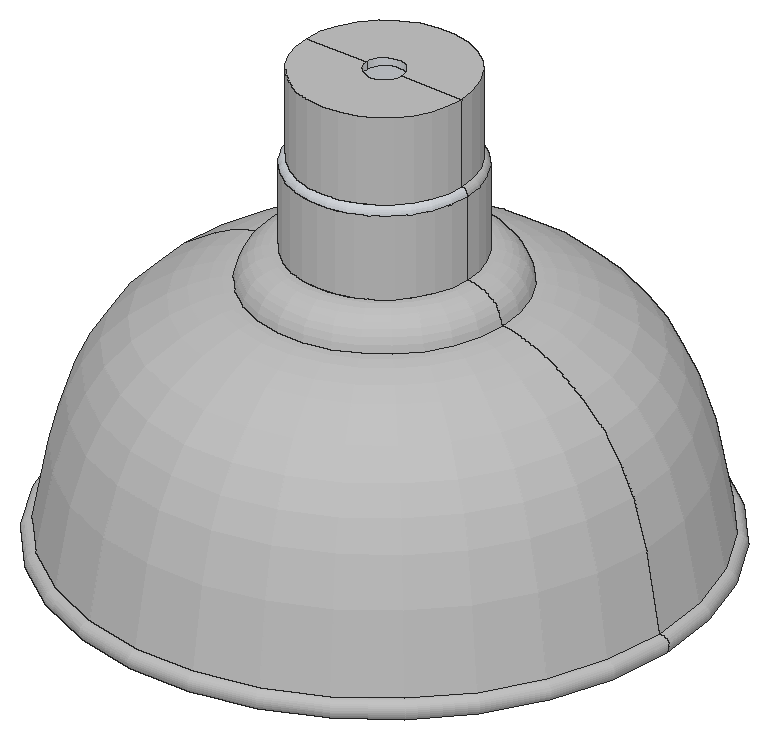
Revit family "W508 SHADE", category Lighting Fixtures, Revit 2024
Family settings
  Round Connector Dimension = Use Diameter
  Part Type = Normal
  OmniClass Number = 23.80.70.00
  OmniClass Title = Lighting
  Work Plane-Based = No
  Always vertical = Yes
  Cut with Voids When Loaded = No
  Light Source = Yes
  Maintain Annotation Orientation = No
  Shared = No
  Room Calculation Point = No
Parameters
  Wattage = 12.1178 W
  built-in parameter 1150110 = 1 (stored number, unit not read)
  built-in parameter 1114217 = 1 (stored number, unit not read)
  built-in parameter 1150109 = 1 (stored number, unit not read)
  built-in parameter 1150134 = (empty or 0)
  built-in parameter 1150113 = 1 (stored number, unit not read)
  Lumens = 1800 lm
  built-in parameter 1150115 = 1 (stored number, unit not read)
  built-in parameter 1150105 = 572.96 (stored number, unit not read)
  Light Source Symbol Size = 2' - 0"
  built-in parameter 1150137 = (empty or 0)
  built-in parameter 1150139 = (empty or 0)
  built-in parameter 1150112 = 1 (stored number, unit not read)
  built-in parameter 1150114 = 1 (stored number, unit not read)
  built-in parameter 1150132 = 2
  built-in parameter 1150102 = (empty or 0)
  built-in parameter 1150138 = (empty or 0)
  built-in parameter 1150107 = 3000 (stored number, unit not read)
  built-in parameter 1150106 = 5.7296 (stored number, unit not read)
  built-in parameter 1150104 = 13.8 (stored number, unit not read)
  Dimming Lamp Color Temperature Shift = (empty or 0)
  Default Elevation = 0' - 0"
  Color Filter = 16777215
  built-in parameter 1114218 = 1 (stored number, unit not read)
  built-in parameter 1150133 = 10 (stored number, unit not read)
Reference planes (in)
  plane 1 "Light Source Axis (F/B)": y = 0
  plane 2: z = 0
  plane 3 "Light Source Axis (L/R)": x = 0
  plane 4 "Light Source Elevation": z = 84
Forms (in)
  Revolve 1, solid
    sketch origin (0, 0, 0) x (1, 0, 0) y (0, 0, 1)
      loop
        line (-0.25, 90) -> (-1.093, 90) -> (-1.093, 88.9)
        arc (-1.093, 88.9) -> (-1.14693, 88.86232) -> (-1.168, 88.8) r 0.10538
        line (-1.168, 88.8) -> (-1.168, 87.75)
        arc (-1.168, 87.75) -> (-1.49786, 87.64643) -> (-1.66286, 87.3426) r 0.46084
        spline (-1.66286, 87.3426) -> (-1.94117, 87.29569) -> (-2.28197, 87.15671) -> (-2.58, 86.9871) -> (-2.82455, 86.80541) -> (-3.03715, 86.60055) -> (-3.21235, 86.37882) -> (-3.35091, 86.15297) -> (-3.46517, 85.92162) -> (-3.57256, 85.64821) -> (-3.67666, 85.30016) -> (-3.77375, 84.84847) -> (-3.875, 84.25)
        arc (-3.875, 84.25) -> (-3.92325, 84.00969) -> (-3.78598, 84.21275) r 0.125
        spline (-3.78598, 84.21275) -> (-3.68623, 84.81233) -> (-3.59112, 85.26083) -> (-3.48969, 85.60334) -> (-3.38523, 85.87151) -> (-3.27461, 86.09705) -> (-3.14075, 86.31659) -> (-2.97309, 86.52997) -> (-2.76874, 86.72797) -> (-2.5328, 86.90421) -> (-2.24277, 87.07033) -> (-1.91614, 87.20477) -> (-1.66286, 87.24885)
        arc (-1.66286, 87.24885) -> (-1.60405, 87.26934) -> (-1.57071, 87.32193) r 0.09463
        arc (-1.57071, 87.32193) -> (-1.40017, 87.60153) -> (-1.07425, 87.63367) r 0.36709
        line (-1.07425, 87.63367) -> (-1.07425, 88.8)
        arc (-1.07425, 88.8) -> (-1.02008, 88.8375) -> (-0.99925, 88.9) r 0.10417
        line (-0.99925, 88.9) -> (-0.99925, 89.90625) -> (-0.25, 89.90625) -> (-0.25, 90)
      axis (0, 90) -> (0, 84.21275)
    angle from 0 to 360
Dimensions and locks (in)
  aligned and locked: plane 3 "Light Source Axis (L/R)" to imposter light
  aligned and locked: plane 1 "Light Source Axis (F/B)" to imposter light
  aligned and locked: plane 4 "Light Source Elevation" to imposter light
  aligned and locked: level to plane 2
